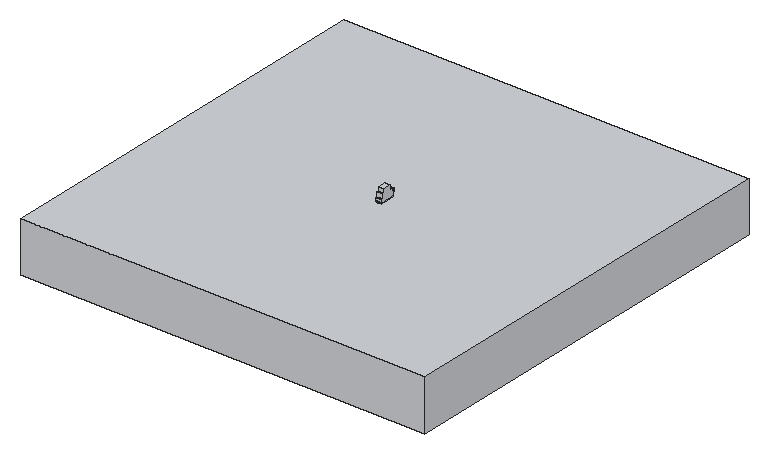
Revit family "Gira_207000", category Elektroinstallationen, Revit 2017
Family settings
  Basisbauteil = Fläche
  Beschriftungsausrichtung beibehalten = Nein
  Bemaßung runder Anschluss = Durchmesser verwenden
  Teiletyp = Normal
  Beim Laden mit Abzugskörper schneiden = Nein
  Gemeinsam genutzt = Nein
  Raumberechnungspunkt = Nein
Parameters
  With display = yes
  With anti-theft/dismantling protection = yes
  Default Elevation = 1219.2 mm
  URL = "https://www.gira.de/"
  Typname = "Gira L1 KNX DRA"
  Transparent = no
  Temperature controller = yes
  Surface protection = "Other"
  Surface finishing = "Not applicable"
  Status-LED = yes
  Productwebsite = "http://katalog.gira.de/en/datenblatt.html?artikelnr=207000"
  Presence button = no
  Other bus systems = "None"
  Mounting method = "DRA (DIN-rail adapter)"
  Material quality = "Other"
  Material = "Other"
  Logic object = yes
  Integrated DCF77 receiver = no
  IR sensor = no
  Hersteller = "Gira"
  HAN = "207000"
  GTIN = "4010337016717"
  Degree of protection (IP) = "IP21"
  Data sheet = "https://katalog.gira.de/en/download.html?artikelnr=207000"
  Central functional unit for senders/actuators = yes
  Bus system radio frequent = no
  Bus system Powernet = no
  Bus system LON = no
  Bus system KNX radio = no
  Bus system KNX = yes
  Bus connection included = no
  Beschreibung = "Gira L1 DRA KNX,Gira L1,,DRA,Features:,- Logic functions:,  A range of functions thanks to the module library with 36 logic modules (e.g. basic mathematical operations, shutters and blind control, temperature control, partition wall control, staircase lighting, random generator).,- Configurable logic nodes (e.g. freely selectable number of inputs).,- Easy parameterisation of timers and scenes:,  up to 20 timers with 10 switching times each.,  up to 20 scene sets with 64 scenes each.,- Up to 480 data points can be used in one project,  (300 KNX group address data points, 180 discretionary device data points).,- Intercom function for exchanging values e. g. between a further L1 or an X1 via Ethernet.,- Optimised start-up:,  Fast project changes and updates during operation without the need to restart the device.,- Two RJ45 sockets with switch functionality support simple loop-through of the patch cable.,- High security:,  Encrypted TLS data transfer between GPA and Gira L1 prevents interception by third parties.,  The device password protects the Gira L1 against unauthorised access.,- Project saving: Saving of a project copy on the Gira L1.,- Start-up:,  The physical address and application are parameterised with the KNX start-up software ETS from version 4.1.8.,  Further configuration is performed in the Gira Project Assistant (GPA). The Gira Project Assistant is available free of charge in the Gira download area.,- Functional extensions and updates via firmware and software updates.,- Hardware prepared for KNX Secure. Future firmware update required.,,Notes :,- Supply via external DC 24 V."
  BIM = "https://media.stage.bim.site/public/gira/ad86d9f/Gira%20X1%20REG%20KNX.rfa?public/gira/ad86d9f/Gira X1 REG KNX.rfa"
Reference planes
  plane 1 "Center (Front/Back)": y = 0
  plane 2: z = 0
  plane 3 "Center (Left/Right)": x = 0
Forms (mm)
  Extrusion 1, solid
    sketch origin (0, 0, 0) x (1, 0, 0) y (0, 1, 0)
      loop
        line (-1219.2, 1219.2) -> (-1219.2, -1219.2) -> (1219.2, -1219.2) -> (1219.2, 1219.2) -> (-1219.2, 1219.2)
    from 0 to -304.8
  Extrusion 2, solid, detail levels fine
    sketch origin (0, -0.2, 0) x (0, 1, 0) y (0, 0, 1)
      loop
        line (22.65, 43.82) -> (22.65, 68.77) -> (-22.25, 68.77) -> (-22.25, 43.82) -> (-30.4, 43.82) -> (-30.4, 19.42) -> (-44.8, 19.42) -> (-44.8, 1.97) -> (45.192, 1.97) -> (45.192, 28.47) -> (32.925, 28.47) -> (32.831, 39.259) -> (31.225, 41.242) -> (31.225, 43.82) -> (22.65, 43.82)
    from -17.95 to 17.95
  Extrusion 3, solid, detail levels fine
    sketch origin (0, -0.2, 0) x (0, 1, 0) y (0, 0, 1)
      loop
        line (45.192, 43.82) -> (31.225, 43.82) -> (31.225, 41.242) -> (32.831, 39.259) -> (32.925, 28.47) -> (45.192, 28.47) -> (45.192, 43.82)
    from -17.95 to -15.8
  Extrusion 4, solid, detail levels fine
    sketch origin (0, -0.2, 0) x (0, 1, 0) y (0, 0, -1)
      loop
        line (45.192, -43.82) -> (45.192, -28.47) -> (32.925, -28.47) -> (32.831, -39.259) -> (31.225, -41.242) -> (31.225, -43.82) -> (45.192, -43.82)
    from -17.95 to -15.8
  Extrusion 5, solid, detail levels fine
    sketch origin (0, -0.2, 0) x (0, 1, 0) y (0, 0, 1)
      loop
        line (31.5, 42.848) -> (31.5, 40.412)
        arc (31.5, 40.412) -> (38.359, 39.512) -> (45.192, 38.435) r 267
        line (45.192, 38.435) -> (45.192, 14.255)
        arc (45.192, 14.255) -> (50.205, 15.189) -> (55.2, 16.219) r 264.9
        line (55.2, 16.219) -> (55.2, 38.933)
        arc (55.2, 38.933) -> (43.394, 41.159) -> (31.5, 42.848) r 265
    from -15.506 to 15.5
  Extrusion 6, solid, detail levels fine
    sketch origin (0, -0.2, 0) x (0, 1, 0) y (0, 0, 1)
      loop
        line (45.2, 1.5) -> (17.774, 1.5) -> (17.905, -6.017)
        arc (17.905, -6.017) -> (20.285, -6.454) -> (22.7, -6.6) r 20
        arc (22.7, -6.6) -> (33.985, -5.009) -> (45.128, -2.618) r 160
        line (45.128, -2.618) -> (45.2, 1.5)
    from -17.95 to 18
  Extrusion 7, solid, detail levels fine
    sketch origin (0, -0.2, 0) x (0, 1, 0) y (0, 0, 1)
      loop
        line (17.905, -6.017) -> (17.824, -1.4) -> (16.8, -1.4) -> (14.749, -4.952)
        arc (14.749, -4.952) -> (16.305, -5.55) -> (17.905, -6.017) r 20
    from -17.95 to -13
  Extrusion 8, solid, detail levels fine
    sketch origin (0, -0.2, 0) x (0, 1, 0) y (0, 0, -1)
      loop
        arc (17.905, 6.017) -> (16.305, 5.55) -> (14.749, 4.952) r 20
        line (14.749, 4.952) -> (16.8, 1.4) -> (17.824, 1.4) -> (17.905, 6.017)
    from -17.95 to -13
  Extrusion 9, solid, detail levels fine
    sketch origin (0, -0.2, 0) x (0, 1, 0) y (0, 0, 1)
      loop
        line (17.8, 0) -> (17.774, 1.5) -> (-44.8, 1.5) -> (-44.774, 0) -> (17.8, 0)
    from -17.95 to 17.95
  Extrusion 10, solid, detail levels fine
    sketch origin (0, 0, 0) x (0, 1, 0) y (0, 0, 1)
      loop
        line (-48.916, -3.317) -> (-44.906, -3.881) -> (-44.974, 0) -> (-48.916, 0) -> (-48.916, -3.317)
    from -4.803 to 4.797
  Extrusion 11, solid, detail levels fine
    sketch origin (0, 0, 0) x (0, 1, 0) y (0, 0, 1)
      loop
        arc (-22.5, -6.6) -> (-20.811, -6.529) -> (-19.134, -6.315) r 20
        line (-19.134, -6.315) -> (-18.029, -3.279) -> (-18, 0) -> (-44.974, 0) -> (-44.928, -2.618)
        arc (-44.928, -2.618) -> (-33.785, -5.009) -> (-22.5, -6.6) r 160
    from -17.95 to -10.5
  Extrusion 12, solid, detail levels fine
    sketch origin (0, 0, 0) x (0, 1, 0) y (0, 0, -1)
      loop
        arc (-22.5, 6.6) -> (-33.785, 5.009) -> (-44.928, 2.618) r 160
        line (-44.928, 2.618) -> (-44.974, 0) -> (-18, 0) -> (-18.029, 3.279) -> (-19.134, 6.315)
        arc (-19.134, 6.315) -> (-20.811, 6.529) -> (-22.5, 6.6) r 20
    from -17.95 to -10.5
  Extrusion 13, solid, detail levels fine
    sketch origin (0, 0, 0) x (0, 1, 0) y (0, 0, 1)
      loop
        line (-30.708, -6.6) -> (-30.65, 0) -> (-44.974, 0) -> (-44.859, -6.6) -> (-30.708, -6.6)
    from -10.5 to 10.5
  Extrusion 14, solid, detail levels fine
    sketch origin (0, 0, 0) x (1, 0, 0) y (0, 1, 0)
      loop
        circle (-0.003, -20.023) r 1
    from -7.682 to 0
  Extrusion 15, solid, detail levels fine
    sketch origin (0, 0, 0) x (0, 1, 0) y (0, 0, 1)
      loop
        line (-17.523, -0.8) -> (-17.523, 0) -> (-30.65, 0) -> (-30.684, -3.9) -> (-27.106, -3.9) -> (-27.106, -5.6) -> (-19.623, -6.6) -> (-18.03, -6.6) -> (-15.023, -2.682) -> (-15.023, -1.517) -> (-17.523, -0.8)
    from -4.503 to 4.5
  Extrusion 16, solid, detail levels fine
    sketch origin (0, 0, 0) x (1, 0, 0) y (0, 1, 0)
      loop
        line (16.859, 43.848) -> (-16.859, 43.848) -> (-16.859, -43.859) -> (16.859, -43.859) -> (16.859, 43.848)
    from 1.5 to 4
  Extrusion 17, solid, detail levels medium
    sketch origin (0, 0, 0) x (0, 1, 0) y (0, 0, 1)
      loop
        line (22.45, 68.77) -> (-22.45, 68.77) -> (-22.45, 43.82) -> (-30.6, 43.82) -> (-30.6, 19.42) -> (-45, 19.42) -> (-45, 0) -> (-48.916, 0) -> (-48.916, -6.6) -> (-15.023, -6.6) -> (-15.023, 0) -> (14.549, 0) -> (14.549, -6.6) -> (44.992, -6.6) -> (44.992, 14.255)
        arc (44.992, 14.255) -> (50.005, 15.189) -> (55, 16.219) r 264.9
        line (55, 16.219) -> (55, 38.933)
        arc (55, 38.933) -> (50.005, 39.943) -> (44.992, 40.856) r 265
        line (44.992, 40.856) -> (44.992, 43.82) -> (22.45, 43.82) -> (22.45, 68.77)
    from -17.95 to 17.95
  Extrusion 18, solid, detail levels coarse
    sketch origin (0, 0, 0) x (1, 0, 0) y (0, 1, 0)
      loop
        line (-17.95, 55) -> (-17.95, -48.916) -> (17.95, -48.916) -> (17.95, 55) -> (-17.95, 55)
    from -7.682 to 68.77
Dimensions and locks
  aligned and locked: plane 2 to Extrusion 1
  aligned and locked: level to Extrusion 1
Connectors
  electrical at (0, -13.687, 0)
    settings: on Extrusion 9, index 1, voltage 24 V, apparent load 0 VA, apparent load phase1 0 VA, apparent load phase2 0 VA, apparent load phase3 0 VA, power factor 1, load classification "Other", number of poles 1, system type 30, power factor state 1, is connector primary yes, connector utility no, sub classification motor no, connector description ""
